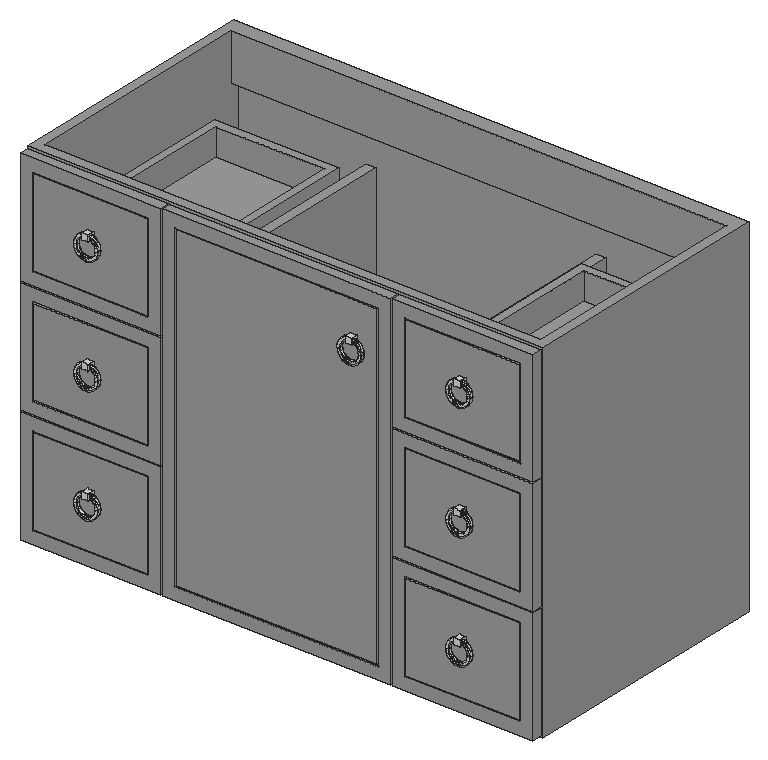
Revit family "Furniture-Vanity-KOHLER-Jacquard-K-99564", category Casework, host Face, Revit 2020
Family settings
  Host = Face
  OmniClass Number = 23.40.35.17.47.14
  OmniClass Title = Bathroom Casework
  Cut with Voids When Loaded = No
  Shared = No
  Room Calculation Point = No
Parameters (values of type "Not a Type-See Type Catalog")
  Width = 42"  # constant formula
  URL = "https://www.us.kohler.com/us/"
  Type = 0
  Product data url = "https://bimobject.com/kohler/product/kohler-K-99564-LG"
  Product Page URL = "http://www.us.kohler.com/us/catalog/productDetails.jsp?productNumber=99564-LG"
  Product Name = "Jacquard"  # constant formula
  Product Guid = "643c9923-bdbf-41aa-a50f-473c72ef4e25"
  Product Documentation Link = "http://www.us.kohler.com/onlinecatalog/pdf/K-99564-LG_spec.pdf"
  Model = if(Type = 1, "K-99564-LG-1WA", if(Type = 2, "K-99564-LG-1WF", if(Type = 3, "K-99564-LG-1WD", if(Type = 4, "K-99564-LG-1WG", if(Type = 5, "K-99564-LG-1WB", if(Type = 6, "K-99564-LG-1WC", if(Type = 7, "K-99564-LG-1WE", if(Type = 8, "K-99564-LG-1WT", if(Type = 9, "K-99564-LG-1WU", if(Type = 10, "K-99564-TK-1WA", if(Type = 11, "K-99564-TK-1WF", if(Type = 12, "K-99564-TK-1WD", if(Type = 13, "K-99564-TK-1WG", if(Type = 14, "K-99564-TK-1WB", if(Type = 15, "K-99564-TK-1WC", if(Type = 16, "K-99564-TK-1WE", if(Type = 17, "K-99564-TK-1WT", if(Type = 18, "K-99564-TK-1WU", "NA"))))))))))))))))))  # "NA"
  Material = "Solid Wood and Veneers"  # constant formula
  MasterFormat 2004 = "08.71.73"  # constant formula
  MasterFormat 1995 = "08715"  # constant formula
  Manufacturer Address = "444 Highland Dr, Kohler, WI 53044"  # constant formula
  Manufacturer = "KOHLER Co."  # constant formula
  Product Finish = Default
  Height = 34 1/2"  # constant formula
  Hardware Included = 1 = 0  # no
  Finish = if(or(Type = 1, Type = 10), "Kohler-Wood-1WA-Linen White", if(or(Type = 2, Type = 11), "Kohler-Wood-1WF-Khaki White Oak", if(or(Type = 3, Type = 12), "Kohler-Wood-1WD-Ramie Walnut", if(or(Type = 4, Type = 13), "Kohler-Wood-1WG-Cherry Tweed", if(or(Type = 5, Type = 14), "Kohler-Wood-1WB-Claret Suede", if(or(Type = 6, Type = 15), "Kohler-Wood-1WC-Felt Grey", if(or(Type = 7, Type = 16), "Kohler-Wood-1WE-Terry Walnut", if(or(Type = 8, Type = 17), "Kohler-Wood-1WT-Mohair Grey", if(or(Type = 9, Type = 18), "Kohler-Wood-1WU-Batiste Black", "NA")))))))))  # "NA"
  Environmental Product Declaration = ""
  Edition number = 1
  Description = if([99564_LG], "42inch bathroom vanity cabinet with furniture legs, 1 door and 6 drawers", if([99564_TK], "42inch bathroom vanity cabinet with toe kick, 1 door and 6 drawers", "NA"))  # "NA"
  Depth = 21 7/8"  # constant formula
  Default Elevation = 0"
  Declare Label = ""
  Date Modified = "05/24/2018"  # constant formula
  Date Created = "05/24/2018"  # constant formula
  Copyright = "Copyright KOHLER Co."  # constant formula
  Contact Us = "https://www.us.kohler.com/us/static/contact.jsp"
  Construction Type = "Floor Mount"  # constant formula
  Assembly Code = "E2010"
  ADA Compliant = 1 = 0  # no
  99564_TK = or(Type = 10, Type = 11, Type = 12, Type = 13, Type = 14, Type = 15, Type = 16, Type = 17, Type = 18)  # no
  99564_LG = or(Type = 1, Type = 2, Type = 3, Type = 4, Type = 5, Type = 6, Type = 7, Type = 8, Type = 9)  # no
Reference planes (in)
  plane 1 "Center (Front/Back)": y = 0
  plane 2: z = 0
  plane 3 "Center (Left/Right)": x = 0
  plane 4: y = 10.5
  plane 5: x = -21
  plane 6: x = 21
  plane 7: y = -11.375
  plane 8: z = 34.5
Dimensions and locks (in)
  "Height": plane 8 to level
  "Width": plane 5 to plane 6
  "Depth": plane 7 to plane 4
  aligned and locked: plane 2 to host face
  aligned and locked: level to host face
Automatic sketch dimensions
  host sketch curve to host sketch curve = 96"  (x2)
Nested families (in)
  nested 1: "K-99564" at (0, 0, 0), type "K-99564"
    with 99564_TK no, 99564_LG no
Definition of nested family "K-99564"
  Parameters (values of type "K-99564")
    Material = none
    Default Elevation = 0"
    99564_TK = yes
    99564_LG = yes
  Reference planes (in)
    plane 1 "Center (Front/Back)": y = 0
    plane 2: z = 0
    plane 3 "Center (Left/Right)": x = 0
    plane 4 "A": x = -19.75
    plane 5 "B": x = 19.75
  Forms (in)
    Extrusion 1, solid, material <- "Material", detail levels medium+fine
      sketch origin (0, 0, 0) x (1, 0, 0) y (0, 1, 0)
        loop
          line (21, -10.5) -> (21, 10.5) -> (-21, 10.5) -> (-21, -10.5) -> (-20.25, -10.5) -> (-20.25, 10) -> (20.25, 10) -> (20.25, -10.5) -> (21, -10.5)
      from 6 to 34.5
    Extrusion 2, solid, material <- "Material", detail levels medium+fine
      sketch origin (0, 0, 0) x (0, 1, 0) y (0, 0, 1)
        loop
          line (9.25, 30.6875) -> (10, 30.6875) -> (10, 34.5) -> (9.25, 34.5) -> (9.25, 30.6875)
        loop
          line (-9.75, 34.5) -> (-10.5, 34.5) -> (-10.5, 31.6875) -> (-9.75, 31.6875) -> (-9.75, 34.5)
      from -20.25 to 20.25
    Extrusion 3, solid, material <- "Material", visible <- "99564_LG", detail levels medium+fine
      sketch origin (0, 0, 0) x (1, 0, 0) y (0, 1, 0)
        loop
          line (-18.75, 10.25) -> (-20.75, 10.25) -> (-20.75, 8.25) -> (-18.75, 8.25) -> (-18.75, 10.25)
        loop
          line (-20.75, -8.5) -> (-20.75, -10.5) -> (-18.75, -10.5) -> (-18.75, -8.5) -> (-20.75, -8.5)
        loop
          line (18.75, 10.25) -> (18.75, 8.25) -> (20.75, 8.25) -> (20.75, 10.25) -> (18.75, 10.25)
        loop
          line (20.75, -8.5) -> (18.75, -8.5) -> (18.75, -10.5) -> (20.75, -10.5) -> (20.75, -8.5)
      from 0.3125 to 6
    Blend 4, solid, material <- "Material", visible <- "99564_LG", detail levels medium+fine
      base sketch origin (0, 0, 0) x (1, 0, 0) y (0, 1, 0)
        loop
          line (-20.75, 8.25) -> (-18.75, 8.25) -> (-18.75, 10.25) -> (-20.75, 10.25) -> (-20.75, 8.25)
      top sketch origin (0, 0, 0) x (1, 0, 0) y (0, 1, 0)
        loop
          line (-20.625, 8.375) -> (-18.875, 8.375) -> (-18.875, 10.125) -> (-20.625, 10.125) -> (-20.625, 8.375)
      from 0.3125 to 0.1875
    Blend 5, solid, material <- "Material", visible <- "99564_LG", detail levels medium+fine
      base sketch origin (0, -18.75, 0) x (1, 0, 0) y (0, 1, 0)
        loop
          line (-20.75, 8.25) -> (-18.75, 8.25) -> (-18.75, 10.25) -> (-20.75, 10.25) -> (-20.75, 8.25)
      top sketch origin (0, -18.75, 0) x (1, 0, 0) y (0, 1, 0)
        loop
          line (-20.625, 8.375) -> (-18.875, 8.375) -> (-18.875, 10.125) -> (-20.625, 10.125) -> (-20.625, 8.375)
      from 0.3125 to 0.1875
    Blend 6, solid, material <- "Material", visible <- "99564_LG", detail levels medium+fine
      base sketch origin (0, 0, 0) x (-1, 0, 0) y (0, -1, 0)
        loop
          line (-20.75, -8.25) -> (-20.75, -10.25) -> (-18.75, -10.25) -> (-18.75, -8.25) -> (-20.75, -8.25)
      top sketch origin (0, 0, 0) x (-1, 0, 0) y (0, -1, 0)
        loop
          line (-20.625, -8.375) -> (-20.625, -10.125) -> (-18.875, -10.125) -> (-18.875, -8.375) -> (-20.625, -8.375)
      from 0.3125 to 0.1875
    Blend 7, solid, material <- "Material", visible <- "99564_LG", detail levels medium+fine
      base sketch origin (0, -18.75, 0) x (-1, 0, 0) y (0, -1, 0)
        loop
          line (-20.75, -8.25) -> (-20.75, -10.25) -> (-18.75, -10.25) -> (-18.75, -8.25) -> (-20.75, -8.25)
      top sketch origin (0, -18.75, 0) x (-1, 0, 0) y (0, -1, 0)
        loop
          line (-20.625, -8.375) -> (-20.625, -10.125) -> (-18.875, -10.125) -> (-18.875, -8.375) -> (-20.625, -8.375)
      from 0.3125 to 0.1875
    Revolve 8, solid, material <- "Material", visible <- "99564_LG", detail levels medium+fine
      sketch origin (-19.75, 0, 0) x (0, 0, 1) y (0, -1, 0)
        loop
          line (0.1875, -9.25) -> (0, -9.25) -> (0, -9.45368)
          arc (0, -9.45368) -> (0.01216, -9.49133) -> (0.04404, -9.51477) r 0.0644
          line (0.04404, -9.51477) -> (0.1875, -9.56258) -> (0.1875, -9.25)
        axis (0.1875, -9.25) -> (0, -9.25)
      angle from 0 to 360
    Revolve 9, solid, material <- "Material", visible <- "99564_LG", detail levels medium+fine
      sketch origin (-19.75, -18.75, 0) x (0, 0, 1) y (0, -1, 0)
        loop
          line (0.1875, -9.25) -> (0, -9.25) -> (0, -9.45368)
          arc (0, -9.45368) -> (0.01216, -9.49133) -> (0.04404, -9.51477) r 0.0644
          line (0.04404, -9.51477) -> (0.1875, -9.56258) -> (0.1875, -9.25)
        axis (0.1875, -9.25) -> (0, -9.25)
      angle from 0 to 360
    Revolve 10, solid, material <- "Material", visible <- "99564_LG", detail levels medium+fine
      sketch origin (19.75, 0, 0) x (0, 0, 1) y (0, -1, 0)
        loop
          line (0.1875, -9.25) -> (0, -9.25) -> (0, -9.45368)
          arc (0, -9.45368) -> (0.01216, -9.49133) -> (0.04404, -9.51477) r 0.0644
          line (0.04404, -9.51477) -> (0.1875, -9.56258) -> (0.1875, -9.25)
        axis (0.1875, -9.25) -> (0, -9.25)
      angle from 0 to 360
    Revolve 11, solid, material <- "Material", visible <- "99564_LG", detail levels medium+fine
      sketch origin (19.75, -18.75, 0) x (0, 0, 1) y (0, -1, 0)
        loop
          line (0.1875, -9.25) -> (0, -9.25) -> (0, -9.45368)
          arc (0, -9.45368) -> (0.01216, -9.49133) -> (0.04404, -9.51477) r 0.0644
          line (0.04404, -9.51477) -> (0.1875, -9.56258) -> (0.1875, -9.25)
        axis (0.1875, -9.25) -> (0, -9.25)
      angle from 0 to 360
    Extrusion 12, solid, material <- "Material", visible <- "99564_LG", detail levels medium+fine
      sketch origin (0, 0, 0) x (1, 0, 0) y (0, 1, 0)
        loop
          line (-20.125, 8.25) -> (-20.125, -8.5) -> (-19.375, -8.5) -> (-19.375, 8.25) -> (-20.125, 8.25)
        loop
          line (-18.75, 9.25) -> (18.75, 9.25) -> (18.75, 10) -> (-18.75, 10) -> (-18.75, 9.25)
        loop
          line (-18.75, -10.25) -> (18.75, -10.25) -> (18.75, -9.5) -> (-18.75, -9.5) -> (-18.75, -10.25)
        loop
          line (19.375, 8.25) -> (19.375, -8.5) -> (20.125, -8.5) -> (20.125, 8.25) -> (19.375, 8.25)
      from 4.9375 to 6
    Extrusion 13, solid, material <- "Material", detail levels medium+fine
      sketch origin (0, 0, 0) x (0, 1, 0) y (0, 0, 1)
        loop
          line (10, 6.75) -> (-10.5, 6.75) -> (-10.5, 6) -> (10, 6) -> (10, 6.75)
      from -20.25 to 20.25
    Extrusion 14, solid, material <- "Material", detail levels medium+fine
      sketch origin (0, 0, -0.1875) x (0, 1, 0) y (0, 0, 1)
        loop
          arc (-6.5, 28.3125) -> (-7.91421, 28.89829) -> (-8.5, 30.3125) r 2
          line (-8.5, 30.3125) -> (-8.5, 33.6875) -> (-9.75, 33.6875) -> (-9.75, 31.6875) -> (-10.5, 31.6875) -> (-10.5, 6.9375) -> (10, 6.9375) -> (10, 28.3125) -> (-6.5, 28.3125)
      from 9 to 9.75
    Extrusion 15, solid, material <- "Material", detail levels medium+fine
      sketch origin (0, 0, -0.1875) x (0, 1, 0) y (0, 0, -1)
        loop
          line (-6.5, -28.3125) -> (10, -28.3125) -> (10, -6.9375) -> (-10.5, -6.9375) -> (-10.5, -31.6875) -> (-9.75, -31.6875) -> (-9.75, -33.6875) -> (-8.5, -33.6875) -> (-8.5, -30.3125)
          arc (-8.5, -30.3125) -> (-7.91421, -28.89829) -> (-6.5, -28.3125) r 2
      from 9 to 9.75
    Extrusion 16, solid, material <- "Material", detail levels medium+fine
      sketch origin (0, 0, 0) x (1, 0, 0) y (0, 0, 1)
        loop
          line (-9.4375, 34.375) -> (-20.9375, 34.375) -> (-20.9375, 25.04167) -> (-9.4375, 25.04167) -> (-9.4375, 34.375)
        loop
          line (-9.437, 24.9167) -> (-20.937, 24.9167) -> (-20.937, 15.58337) -> (-9.437, 15.58337) -> (-9.437, 24.9167)
        loop
          line (-9.437, 15.45837) -> (-20.937, 15.45837) -> (-20.937, 6.12503) -> (-9.437, 6.12503) -> (-9.437, 15.45837)
        loop
          line (-9.3125, 34.375) -> (-9.3125, 6.125) -> (9.312, 6.125) -> (9.312, 34.375) -> (-9.3125, 34.375)
        loop
          line (9.437, 34.375) -> (9.437, 25.04167) -> (20.937, 25.04167) -> (20.937, 34.375) -> (9.437, 34.375)
        loop
          line (9.437, 6.12503) -> (20.937, 6.12503) -> (20.937, 15.45837) -> (9.437, 15.45837) -> (9.437, 6.12503)
        loop
          line (9.437, 15.58337) -> (20.937, 15.58337) -> (20.937, 24.9167) -> (9.437, 24.9167) -> (9.437, 15.58337)
      from 10.625 to 11.375
    Extrusion 17, void
      sketch origin (0, 0, 0) x (1, 0, 0) y (0, 0, 1)
        loop
          line (-19.9375, 26.04167) -> (-10.4375, 26.04167) -> (-10.4375, 33.375) -> (-19.9375, 33.375) -> (-19.9375, 26.04167)
        loop
          line (-19.8125, 26.16667) -> (-10.5625, 26.16667) -> (-10.5625, 33.25) -> (-19.8125, 33.25) -> (-19.8125, 26.16667)
        loop
          line (-8.3125, 33.375) -> (-8.3125, 7.125) -> (8.312, 7.125) -> (8.312, 33.375) -> (-8.3125, 33.375)
        loop
          line (8.187, 33.25) -> (-8.1875, 33.25) -> (-8.1875, 7.25) -> (8.187, 7.25) -> (8.187, 33.25)
        loop
          line (-19.937, 23.9167) -> (-19.937, 16.58337) -> (-10.437, 16.58337) -> (-10.437, 23.9167) -> (-19.937, 23.9167)
        loop
          line (-10.562, 23.7917) -> (-19.812, 23.7917) -> (-19.812, 16.70837) -> (-10.562, 16.70837) -> (-10.562, 23.7917)
        loop
          line (-19.937, 7.12503) -> (-10.437, 7.12503) -> (-10.437, 14.45837) -> (-19.937, 14.45837) -> (-19.937, 7.12503)
        loop
          line (-19.812, 14.33337) -> (-19.812, 7.25003) -> (-10.562, 7.25003) -> (-10.562, 14.33337) -> (-19.812, 14.33337)
        loop
          line (19.812, 33.25) -> (10.562, 33.25) -> (10.562, 26.16667) -> (19.812, 26.16667) -> (19.812, 33.25)
        loop
          line (10.437, 33.375) -> (10.437, 26.04167) -> (19.937, 26.04167) -> (19.937, 33.375) -> (10.437, 33.375)
        loop
          line (19.812, 23.7917) -> (10.562, 23.7917) -> (10.562, 16.70837) -> (19.812, 16.70837) -> (19.812, 23.7917)
        loop
          line (10.437, 23.9167) -> (10.437, 16.58337) -> (19.937, 16.58337) -> (19.937, 23.9167) -> (10.437, 23.9167)
        loop
          line (10.437, 14.45837) -> (10.437, 7.12503) -> (19.937, 7.12503) -> (19.937, 14.45837) -> (10.437, 14.45837)
        loop
          line (19.812, 14.33337) -> (10.562, 14.33337) -> (10.562, 7.25003) -> (19.812, 7.25003) -> (19.812, 14.33337)
      from 11.1875 to 11.375
    Extrusion 18, solid, material <- "Material", detail levels medium+fine
      sketch origin (0, 0, 0) x (1, 0, 0) y (0, 1, 0)
        loop
          line (20.062, -10.625) -> (20.062, 7.375) -> (9.937, 7.375) -> (9.937, -10.625) -> (20.062, -10.625)
        loop
          line (19.437, 6.75) -> (10.562, 6.75) -> (10.562, -10) -> (19.437, -10) -> (19.437, 6.75)
      from 25.91667 to 28.91667
    Extrusion 19, solid, material <- "Material", detail levels medium+fine
      sketch origin (0, 0, 0) x (1, 0, 0) y (0, 1, 0)
        loop
          line (19.437, 6.75) -> (10.562, 6.75) -> (10.562, -10) -> (19.437, -10) -> (19.437, 6.75)
        loop
          line (20.062, 7.375) -> (9.937, 7.375) -> (9.937, -10.625) -> (20.062, -10.625) -> (20.062, 7.375)
      from 16.45837 to 22.45837
    Extrusion 20, solid, material <- "Material", detail levels medium+fine
      sketch origin (0, 0, 0) x (1, 0, 0) y (0, 1, 0)
        loop
          line (20.062, 7.375) -> (9.937, 7.375) -> (9.937, -10.625) -> (20.062, -10.625) -> (20.062, 7.375)
        loop
          line (10.562, 6.75) -> (10.562, -10) -> (19.437, -10) -> (19.437, 6.75) -> (10.562, 6.75)
      from 7.00003 to 13.00003
    Extrusion 21, solid, material <- "Material", detail levels medium+fine
      sketch origin (0, 0, -0.1875) x (1, 0, 0) y (0, 0, 1)
        loop
          line (19.687, 26.60417) -> (19.687, 26.86417) -> (10.312, 26.86417) -> (10.312, 26.60417) -> (19.687, 26.60417)
        loop
          line (19.687, 17.39587) -> (10.312, 17.39587) -> (10.312, 17.14587) -> (19.687, 17.14587) -> (19.687, 17.39587)
        loop
          line (19.687, 7.93753) -> (10.312, 7.93753) -> (10.312, 7.68753) -> (19.687, 7.68753) -> (19.687, 7.93753)
      from -6.75 to 10
    Extrusion 22, solid, material <- "Material", detail levels medium+fine
      sketch origin (0, 0, 0) x (-1, 0, 0) y (0, -1, 0)
        loop
          line (20.062, 10.625) -> (9.937, 10.625) -> (9.937, -7.375) -> (20.062, -7.375) -> (20.062, 10.625)
        loop
          line (19.437, -6.75) -> (19.437, 10) -> (10.562, 10) -> (10.562, -6.75) -> (19.437, -6.75)
      from 25.91667 to 28.91667
    Extrusion 23, solid, material <- "Material", detail levels medium+fine
      sketch origin (0, 0, 0) x (-1, 0, 0) y (0, -1, 0)
        loop
          line (19.437, -6.75) -> (19.437, 10) -> (10.562, 10) -> (10.562, -6.75) -> (19.437, -6.75)
        loop
          line (20.062, -7.375) -> (20.062, 10.625) -> (9.937, 10.625) -> (9.937, -7.375) -> (20.062, -7.375)
      from 16.45837 to 22.45837
    Extrusion 24, solid, material <- "Material", detail levels medium+fine
      sketch origin (0, 0, 0) x (-1, 0, 0) y (0, -1, 0)
        loop
          line (20.062, -7.375) -> (20.062, 10.625) -> (9.937, 10.625) -> (9.937, -7.375) -> (20.062, -7.375)
        loop
          line (10.562, -6.75) -> (19.437, -6.75) -> (19.437, 10) -> (10.562, 10) -> (10.562, -6.75)
      from 7.00003 to 13.00003
    Extrusion 25, solid, material <- "Material", detail levels medium+fine
      sketch origin (0, 0, -0.1875) x (-1, 0, 0) y (0, 0, -1)
        loop
          line (19.687, -26.60417) -> (10.312, -26.60417) -> (10.312, -26.86417) -> (19.687, -26.86417) -> (19.687, -26.60417)
        loop
          line (19.687, -17.39587) -> (19.687, -17.14587) -> (10.312, -17.14587) -> (10.312, -17.39587) -> (19.687, -17.39587)
        loop
          line (19.687, -7.93753) -> (19.687, -7.68753) -> (10.312, -7.68753) -> (10.312, -7.93753) -> (19.687, -7.93753)
      from -6.75 to 10
    Extrusion 26, solid, detail levels medium+fine
      sketch origin (0, 0, -0.2031) x (1, 0, 0) y (0, 0, 1)
        loop
          line (-14.96094, 30.9375) -> (-15.41525, 30.9375)
          arc (-15.41525, 30.9375) -> (-15.43098, 30.93098) -> (-15.4375, 30.91525) r 0.02225
          line (-15.4375, 30.91525) -> (-15.4375, 30.46094)
          arc (-15.4375, 30.46094) -> (-15.43064, 30.44436) -> (-15.41406, 30.4375) r 0.02344
          line (-15.41406, 30.4375) -> (-14.96094, 30.4375)
          arc (-14.96094, 30.4375) -> (-14.94436, 30.44436) -> (-14.9375, 30.46094) r 0.02344
          line (-14.9375, 30.46094) -> (-14.9375, 30.91406)
          arc (-14.9375, 30.91406) -> (-14.94436, 30.93063) -> (-14.96094, 30.9375) r 0.02344
        loop
          line (-14.96094, 21.4792) -> (-15.41525, 21.4792)
          arc (-15.41525, 21.4792) -> (-15.43098, 21.47268) -> (-15.4375, 21.45695) r 0.02225
          line (-15.4375, 21.45695) -> (-15.4375, 21.00264)
          arc (-15.4375, 21.00264) -> (-15.43064, 20.98606) -> (-15.41406, 20.9792) r 0.02344
          line (-15.41406, 20.9792) -> (-14.96094, 20.9792)
          arc (-14.96094, 20.9792) -> (-14.94436, 20.98606) -> (-14.9375, 21.00264) r 0.02344
          line (-14.9375, 21.00264) -> (-14.9375, 21.45576)
          arc (-14.9375, 21.45576) -> (-14.94436, 21.47233) -> (-14.96094, 21.4792) r 0.02344
        loop
          line (-14.96094, 12.02087) -> (-15.41525, 12.02087)
          arc (-15.41525, 12.02087) -> (-15.43098, 12.01435) -> (-15.4375, 11.99861) r 0.02225
          line (-15.4375, 11.99861) -> (-15.4375, 11.5443)
          arc (-15.4375, 11.5443) -> (-15.43064, 11.52773) -> (-15.41406, 11.52087) r 0.02344
          line (-15.41406, 11.52087) -> (-14.96094, 11.52087)
          arc (-14.96094, 11.52087) -> (-14.94436, 11.52773) -> (-14.9375, 11.5443) r 0.02344
          line (-14.9375, 11.5443) -> (-14.9375, 11.99743)
          arc (-14.9375, 11.99743) -> (-14.94436, 12.014) -> (-14.96094, 12.02087) r 0.02344
        loop
          arc (14.96094, 30.9375) -> (14.94436, 30.93063) -> (14.9375, 30.91406) r 0.02344
          line (14.9375, 30.91406) -> (14.9375, 30.46094)
          arc (14.9375, 30.46094) -> (14.94436, 30.44436) -> (14.96094, 30.4375) r 0.02344
          line (14.96094, 30.4375) -> (15.41406, 30.4375)
          arc (15.41406, 30.4375) -> (15.43064, 30.44436) -> (15.4375, 30.46094) r 0.02344
          line (15.4375, 30.46094) -> (15.4375, 30.91525)
          arc (15.4375, 30.91525) -> (15.43098, 30.93098) -> (15.41525, 30.9375) r 0.02225
          line (15.41525, 30.9375) -> (14.96094, 30.9375)
        loop
          arc (14.96094, 21.4792) -> (14.94436, 21.47233) -> (14.9375, 21.45576) r 0.02344
          line (14.9375, 21.45576) -> (14.9375, 21.00264)
          arc (14.9375, 21.00264) -> (14.94436, 20.98606) -> (14.96094, 20.9792) r 0.02344
          line (14.96094, 20.9792) -> (15.41406, 20.9792)
          arc (15.41406, 20.9792) -> (15.43064, 20.98606) -> (15.4375, 21.00264) r 0.02344
          line (15.4375, 21.00264) -> (15.4375, 21.45695)
          arc (15.4375, 21.45695) -> (15.43098, 21.47268) -> (15.41525, 21.4792) r 0.02225
          line (15.41525, 21.4792) -> (14.96094, 21.4792)
        loop
          arc (14.96094, 12.02087) -> (14.94436, 12.014) -> (14.9375, 11.99743) r 0.02344
          line (14.9375, 11.99743) -> (14.9375, 11.5443)
          arc (14.9375, 11.5443) -> (14.94436, 11.52773) -> (14.96094, 11.52087) r 0.02344
          line (14.96094, 11.52087) -> (15.41406, 11.52087)
          arc (15.41406, 11.52087) -> (15.43064, 11.52773) -> (15.4375, 11.5443) r 0.02344
          line (15.4375, 11.5443) -> (15.4375, 11.99861)
          arc (15.4375, 11.99861) -> (15.43098, 12.01435) -> (15.41525, 12.02087) r 0.02225
          line (15.41525, 12.02087) -> (14.96094, 12.02087)
        loop
          arc (6.08484, 30.9375) -> (6.06827, 30.93063) -> (6.06141, 30.91406) r 0.02344
          line (6.06141, 30.91406) -> (6.06141, 30.46094)
          arc (6.06141, 30.46094) -> (6.06827, 30.44436) -> (6.08484, 30.4375) r 0.02344
          line (6.08484, 30.4375) -> (6.53797, 30.4375)
          arc (6.53797, 30.4375) -> (6.55454, 30.44436) -> (6.56141, 30.46094) r 0.02344
          line (6.56141, 30.46094) -> (6.56141, 30.91525)
          arc (6.56141, 30.91525) -> (6.55489, 30.93098) -> (6.53916, 30.9375) r 0.02225
          line (6.53916, 30.9375) -> (6.08484, 30.9375)
      from 11.375 to 11.9375
    Revolve 27, solid, detail levels medium+fine
      sketch origin (0, 0, 10.78421) x (1, 0, 0) y (0, 1, 0)
        loop
          line (-15.96071, -11.625) -> (-16.16373, -11.625)
          arc (-16.16373, -11.625) -> (-16.18056, -11.63197) -> (-16.18754, -11.64881) r 0.02381
          line (-16.18754, -11.64881) -> (-16.18754, -11.85156)
          arc (-16.18754, -11.85156) -> (-16.18067, -11.86814) -> (-16.1641, -11.875) r 0.02344
          line (-16.1641, -11.875) -> (-15.96071, -11.875)
          arc (-15.96071, -11.875) -> (-15.94414, -11.86814) -> (-15.93728, -11.85156) r 0.02344
          line (-15.93728, -11.85156) -> (-15.93728, -11.64844)
          arc (-15.93728, -11.64844) -> (-15.94414, -11.63186) -> (-15.96071, -11.625) r 0.02344
        axis (-15.18809, -11.625) -> (-15.18809, -11.875)
      angle from 0 to 360
    Revolve 28, solid, detail levels medium+fine
      sketch origin (0, 0, 20.24254) x (1, 0, 0) y (0, 1, 0)
        loop
          line (-15.96071, -11.625) -> (-16.16373, -11.625)
          arc (-16.16373, -11.625) -> (-16.18056, -11.63197) -> (-16.18754, -11.64881) r 0.02381
          line (-16.18754, -11.64881) -> (-16.18754, -11.85156)
          arc (-16.18754, -11.85156) -> (-16.18067, -11.86814) -> (-16.1641, -11.875) r 0.02344
          line (-16.1641, -11.875) -> (-15.96071, -11.875)
          arc (-15.96071, -11.875) -> (-15.94414, -11.86814) -> (-15.93728, -11.85156) r 0.02344
          line (-15.93728, -11.85156) -> (-15.93728, -11.64844)
          arc (-15.93728, -11.64844) -> (-15.94414, -11.63186) -> (-15.96071, -11.625) r 0.02344
        axis (-15.18809, -11.625) -> (-15.18809, -11.875)
      angle from 0 to 360
    Revolve 29, solid, detail levels medium+fine
      sketch origin (0, 0, 29.70084) x (1, 0, 0) y (0, 1, 0)
        loop
          line (-15.96071, -11.625) -> (-16.16373, -11.625)
          arc (-16.16373, -11.625) -> (-16.18056, -11.63197) -> (-16.18754, -11.64881) r 0.02381
          line (-16.18754, -11.64881) -> (-16.18754, -11.85156)
          arc (-16.18754, -11.85156) -> (-16.18067, -11.86814) -> (-16.1641, -11.875) r 0.02344
          line (-16.1641, -11.875) -> (-15.96071, -11.875)
          arc (-15.96071, -11.875) -> (-15.94414, -11.86814) -> (-15.93728, -11.85156) r 0.02344
          line (-15.93728, -11.85156) -> (-15.93728, -11.64844)
          arc (-15.93728, -11.64844) -> (-15.94414, -11.63186) -> (-15.96071, -11.625) r 0.02344
        axis (-15.18809, -11.625) -> (-15.18809, -11.875)
      angle from 0 to 360
    Revolve 30, solid, detail levels medium+fine
      sketch origin (0, 0, 10.78421) x (-1, 0, 0) y (0, -1, 0)
        loop
          arc (-15.96071, 11.625) -> (-15.94414, 11.63186) -> (-15.93728, 11.64844) r 0.02344
          line (-15.93728, 11.64844) -> (-15.93728, 11.85156)
          arc (-15.93728, 11.85156) -> (-15.94414, 11.86814) -> (-15.96071, 11.875) r 0.02344
          line (-15.96071, 11.875) -> (-16.1641, 11.875)
          arc (-16.1641, 11.875) -> (-16.18067, 11.86814) -> (-16.18754, 11.85156) r 0.02344
          line (-16.18754, 11.85156) -> (-16.18754, 11.64881)
          arc (-16.18754, 11.64881) -> (-16.18056, 11.63197) -> (-16.16373, 11.625) r 0.02381
          line (-16.16373, 11.625) -> (-15.96071, 11.625)
        axis (-15.18809, 11.625) -> (-15.18809, 11.875)
      angle from 0 to 360
    Revolve 31, solid, detail levels medium+fine
      sketch origin (0, 0, 20.24254) x (-1, 0, 0) y (0, -1, 0)
        loop
          arc (-15.96071, 11.625) -> (-15.94414, 11.63186) -> (-15.93728, 11.64844) r 0.02344
          line (-15.93728, 11.64844) -> (-15.93728, 11.85156)
          arc (-15.93728, 11.85156) -> (-15.94414, 11.86814) -> (-15.96071, 11.875) r 0.02344
          line (-15.96071, 11.875) -> (-16.1641, 11.875)
          arc (-16.1641, 11.875) -> (-16.18067, 11.86814) -> (-16.18754, 11.85156) r 0.02344
          line (-16.18754, 11.85156) -> (-16.18754, 11.64881)
          arc (-16.18754, 11.64881) -> (-16.18056, 11.63197) -> (-16.16373, 11.625) r 0.02381
          line (-16.16373, 11.625) -> (-15.96071, 11.625)
        axis (-15.18809, 11.625) -> (-15.18809, 11.875)
      angle from 0 to 360
    Revolve 32, solid, detail levels medium+fine
      sketch origin (0, 0, 29.70084) x (-1, 0, 0) y (0, -1, 0)
        loop
          arc (-15.96071, 11.625) -> (-15.94414, 11.63186) -> (-15.93728, 11.64844) r 0.02344
          line (-15.93728, 11.64844) -> (-15.93728, 11.85156)
          arc (-15.93728, 11.85156) -> (-15.94414, 11.86814) -> (-15.96071, 11.875) r 0.02344
          line (-15.96071, 11.875) -> (-16.1641, 11.875)
          arc (-16.1641, 11.875) -> (-16.18067, 11.86814) -> (-16.18754, 11.85156) r 0.02344
          line (-16.18754, 11.85156) -> (-16.18754, 11.64881)
          arc (-16.18754, 11.64881) -> (-16.18056, 11.63197) -> (-16.16373, 11.625) r 0.02381
          line (-16.16373, 11.625) -> (-15.96071, 11.625)
        axis (-15.18809, 11.625) -> (-15.18809, 11.875)
      angle from 0 to 360
    Revolve 33, solid, detail levels medium+fine
      sketch origin (-8.87609, 0, 29.70084) x (-1, 0, 0) y (0, -1, 0)
        loop
          arc (-15.96071, 11.625) -> (-15.94414, 11.63186) -> (-15.93728, 11.64844) r 0.02344
          line (-15.93728, 11.64844) -> (-15.93728, 11.85156)
          arc (-15.93728, 11.85156) -> (-15.94414, 11.86814) -> (-15.96071, 11.875) r 0.02344
          line (-15.96071, 11.875) -> (-16.1641, 11.875)
          arc (-16.1641, 11.875) -> (-16.18067, 11.86814) -> (-16.18754, 11.85156) r 0.02344
          line (-16.18754, 11.85156) -> (-16.18754, 11.64881)
          arc (-16.18754, 11.64881) -> (-16.18056, 11.63197) -> (-16.16373, 11.625) r 0.02381
          line (-16.16373, 11.625) -> (-15.96071, 11.625)
        axis (-15.18809, 11.625) -> (-15.18809, 11.875)
      angle from 0 to 360
    Extrusion 34, solid, material <- "Material", visible <- "99564_TK", detail levels medium+fine
      sketch origin (0, 0, 0) x (1, 0, 0) y (0, 1, 0)
        loop
          line (-21, 10.5) -> (-21, -8) -> (21, -8) -> (21, 10.5) -> (20.25, 10.5) -> (20.25, -7.5) -> (-20.25, -7.5) -> (-20.25, 10.5) -> (-21, 10.5)
      from 0 to 6
    Extrusion 35, solid, material <- "Material", detail levels coarse
      sketch origin (0, 0, 0) x (1, 0, 0) y (0, 1, 0)
        loop
          line (21, 10.5) -> (-21, 10.5) -> (-21, -11.375) -> (21, -11.375) -> (21, 10.5)
        loop
          line (-20.25, 9.25) -> (-20.25, -9.75) -> (20.25, -9.75) -> (20.25, 9.25) -> (-20.25, 9.25)
      from 0 to 34.5
  Cuts and joins
    joined: Extrusion 3, Blend 4, Blend 5, Blend 6, Blend 7, Revolve 8, Revolve 9, Revolve 10, Revolve 11, Extrusion 12
    Extrusion 17 cuts Extrusion 16
    joined: Extrusion 1, Extrusion 2, Extrusion 13, Extrusion 14, Extrusion 15, Extrusion 16, Extrusion 18, Extrusion 19, Extrusion 20, Extrusion 21, Extrusion 22, Extrusion 23, Extrusion 24, Extrusion 25
    joined: Extrusion 26, Revolve 27, Revolve 28, Revolve 29, Revolve 30, Revolve 31, Revolve 32, Revolve 33
  Lines and regions (in)
    Masking region 1
      outline origin (0, 0, 0) x (1, 0, 0) y (0, 0, 1)
        loop
          line (21, 34.5) -> (-21, 34.5) -> (-21, 6) -> (21, 6) -> (21, 34.5)
    Masking region 2, visible <- "99564_LG"
      outline origin (0, 0, 0) x (1, 0, 0) y (0, 0, 1)
        loop
          line (-20.75, 6) -> (-20.75, 0.3125) -> (-20.625, 0.1875) -> (-20.06258, 0.1875) -> (-20.01495, 0.04455)
          arc (-20.01495, 0.04455) -> (-19.99124, 0.0123) -> (-19.95314, 0) r 0.06514
          line (-19.95314, 0) -> (-19.54686, 0)
          arc (-19.54686, 0) -> (-19.50876, 0.0123) -> (-19.48505, 0.04455) r 0.06514
          line (-19.48505, 0.04455) -> (-19.43742, 0.1875) -> (-18.875, 0.1875) -> (-18.75, 0.3125) -> (-18.75, 4.9375) -> (18.75, 4.9375) -> (18.75, 0.3125) -> (18.875, 0.1875) -> (19.43742, 0.1875) -> (19.48505, 0.04455)
          arc (19.48505, 0.04455) -> (19.50876, 0.0123) -> (19.54686, 0) r 0.06514
          line (19.54686, 0) -> (19.95314, 0)
          arc (19.95314, 0) -> (19.99124, 0.0123) -> (20.01495, 0.04455) r 0.06514
          line (20.01495, 0.04455) -> (20.06258, 0.1875) -> (20.625, 0.1875) -> (20.75, 0.3125) -> (20.75, 6) -> (-20.75, 6)
    Masking region 3, visible <- "99564_TK"
      outline origin (0, 0, 0) x (1, 0, 0) y (0, 0, 1)
        loop
          line (-21, 6) -> (-21, 0) -> (21, 0) -> (21, 6) -> (-21, 6)
    Masking region 4
      outline origin (19.75, 0, 0) x (0, 0, 1) y (0, -1, 0)
        loop
          line (34.5, 10.5) -> (34.375, 10.5) -> (34.375, 11.375) -> (30.7344, 11.375) -> (30.7344, 11.9375) -> (30.2344, 11.9375) -> (30.2344, 11.875) -> (28.72484, 11.875)
          arc (28.72484, 11.875) -> (28.70826, 11.86814) -> (28.7014, 11.85156) r 0.02344
          line (28.7014, 11.85156) -> (28.7014, 11.64854)
          arc (28.7014, 11.64854) -> (28.70829, 11.63189) -> (28.72493, 11.625) r 0.02354
          line (28.72493, 11.625) -> (30.2344, 11.625) -> (30.2344, 11.375) -> (21.2761, 11.375) -> (21.2761, 11.9375) -> (20.7761, 11.9375) -> (20.7761, 11.875) -> (19.26654, 11.875)
          arc (19.26654, 11.875) -> (19.24996, 11.86814) -> (19.2431, 11.85156) r 0.02344
          line (19.2431, 11.85156) -> (19.2431, 11.64854)
          arc (19.2431, 11.64854) -> (19.24999, 11.63189) -> (19.26663, 11.625) r 0.02354
          line (19.26663, 11.625) -> (20.7761, 11.625) -> (20.7761, 11.375) -> (11.81777, 11.375) -> (11.81777, 11.9375) -> (11.31777, 11.9375) -> (11.31777, 11.875) -> (9.8082, 11.875)
          arc (9.8082, 11.875) -> (9.79163, 11.86814) -> (9.78477, 11.85156) r 0.02344
          line (9.78477, 11.85156) -> (9.78477, 11.64854)
          arc (9.78477, 11.64854) -> (9.79166, 11.63189) -> (9.8083, 11.625) r 0.02354
          line (9.8083, 11.625) -> (11.31777, 11.625) -> (11.31777, 11.375) -> (6.12503, 11.375) -> (6.12503, 10.5) -> (6, 10.5) -> (6, -10.5) -> (34.5, -10.5) -> (34.5, 10.5)
    Masking region 5, visible <- "99564_LG"
      outline origin (19.75, 0, 0) x (0, 0, 1) y (0, -1, 0)
        loop
          line (6, -10.25) -> (6, 10.5) -> (0.3125, 10.5) -> (0.1875, 10.375) -> (0.1875, 9.81258) -> (0.04285, 9.76463)
          arc (0.04285, 9.76463) -> (0.01183, 9.74189) -> (0, 9.70529) r 0.06251
          line (0, 9.70529) -> (0, 9.29471)
          arc (0, 9.29471) -> (0.01183, 9.25811) -> (0.04285, 9.23537) r 0.06251
          line (0.04285, 9.23537) -> (0.1875, 9.18742) -> (0.1875, 8.625) -> (0.3125, 8.5) -> (4.9375, 8.5) -> (4.9375, -8.25) -> (0.3125, -8.25) -> (0.1875, -8.375) -> (0.1875, -8.93742) -> (0.04285, -8.98537)
          arc (0.04285, -8.98537) -> (0.01183, -9.00811) -> (0, -9.04471) r 0.06251
          line (0, -9.04471) -> (0, -9.45529)
          arc (0, -9.45529) -> (0.01183, -9.49189) -> (0.04285, -9.51463) r 0.06251
          line (0.04285, -9.51463) -> (0.1875, -9.56258) -> (0.1875, -10.125) -> (0.3125, -10.25) -> (6, -10.25)
    Masking region 6, visible <- "99564_TK"
      outline origin (19.75, 0, 0) x (0, 0, 1) y (0, -1, 0)
        loop
          line (6, -10.5) -> (6, 8) -> (0, 8) -> (0, -10.5) -> (6, -10.5)
    Masking region 7
      outline origin (0, 0, 0) x (1, 0, 0) y (0, 1, 0)
        loop
          line (21, 10.5) -> (-21, 10.5) -> (-21, -10.5) -> (-20.9375, -10.5) -> (-20.9375, -11.375) -> (-15.4375, -11.375) -> (-15.4375, -11.625) -> (-16.16373, -11.625)
          arc (-16.16373, -11.625) -> (-16.18056, -11.63197) -> (-16.18754, -11.64881) r 0.02381
          line (-16.18754, -11.64881) -> (-16.18754, -11.85156)
          arc (-16.18754, -11.85156) -> (-16.18067, -11.86814) -> (-16.1641, -11.875) r 0.02344
          line (-16.1641, -11.875) -> (-15.4375, -11.875) -> (-15.4375, -11.9375) -> (-14.9375, -11.9375) -> (-14.9375, -11.875) -> (-14.21209, -11.875)
          arc (-14.21209, -11.875) -> (-14.19551, -11.86814) -> (-14.18865, -11.85156) r 0.02344
          line (-14.18865, -11.85156) -> (-14.18865, -11.64881)
          arc (-14.18865, -11.64881) -> (-14.19562, -11.63197) -> (-14.21246, -11.625) r 0.02381
          line (-14.21246, -11.625) -> (-14.9375, -11.625) -> (-14.9375, -11.375) -> (6.06141, -11.375) -> (6.06141, -11.625) -> (5.33518, -11.625)
          arc (5.33518, -11.625) -> (5.31835, -11.63197) -> (5.31137, -11.64881) r 0.02381
          line (5.31137, -11.64881) -> (5.31137, -11.85156)
          arc (5.31137, -11.85156) -> (5.31824, -11.86814) -> (5.33481, -11.875) r 0.02344
          line (5.33481, -11.875) -> (6.06141, -11.875) -> (6.06141, -11.9375) -> (6.56141, -11.9375) -> (6.56141, -11.875) -> (7.28682, -11.875)
          arc (7.28682, -11.875) -> (7.30339, -11.86814) -> (7.31026, -11.85156) r 0.02344
          line (7.31026, -11.85156) -> (7.31026, -11.64881)
          arc (7.31026, -11.64881) -> (7.30328, -11.63197) -> (7.28645, -11.625) r 0.02381
          line (7.28645, -11.625) -> (6.56141, -11.625) -> (6.56141, -11.375) -> (14.9375, -11.375) -> (14.9375, -11.625) -> (14.21127, -11.625)
          arc (14.21127, -11.625) -> (14.19444, -11.63197) -> (14.18746, -11.64881) r 0.02381
          line (14.18746, -11.64881) -> (14.18746, -11.85156)
          arc (14.18746, -11.85156) -> (14.19433, -11.86814) -> (14.2109, -11.875) r 0.02344
          line (14.2109, -11.875) -> (14.9375, -11.875) -> (14.9375, -11.9375) -> (15.4375, -11.9375) -> (15.4375, -11.875) -> (16.16291, -11.875)
          arc (16.16291, -11.875) -> (16.17949, -11.86814) -> (16.18635, -11.85156) r 0.02344
          line (16.18635, -11.85156) -> (16.18635, -11.64881)
          arc (16.18635, -11.64881) -> (16.17938, -11.63197) -> (16.16254, -11.625) r 0.02381
          line (16.16254, -11.625) -> (15.4375, -11.625) -> (15.4375, -11.375) -> (20.937, -11.375) -> (20.937, -10.5) -> (21, -10.5) -> (21, 10.5)
    symbolic lines, detail levels medium+fine
      curve 1: line (-20.9375, 0, 34.375) -> (-20.9375, 0, 25.04167)
      curve 2: line (-9.4375, 0, 34.375) -> (-20.9375, 0, 34.375)
      curve 3: line (-9.4375, 0, 25.04167) -> (-9.4375, 0, 34.375)
      curve 4: line (-9.3125, 0, 34.375) -> (-9.3125, 0, 6.125)
      curve 5: line (9.312, 0, 34.375) -> (-9.3125, 0, 34.375)
      curve 6: line (-19.9375, 0, 26.04167) -> (-10.4375, 0, 26.04167)
      curve 7: line (-10.4375, 0, 26.04167) -> (-10.4375, 0, 33.375)
      curve 8: line (-10.5625, 0, 33.25) -> (-10.5625, 0, 26.16667)
      curve 9: line (-10.5625, 0, 26.16667) -> (-19.8125, 0, 26.16667)
      curve 10: line (-19.9375, 0, 33.375) -> (-19.9375, 0, 26.04167)
      curve 11: line (-19.8125, 0, 26.16667) -> (-19.8125, 0, 33.25)
      curve 12: line (-10.4375, 0, 33.375) -> (-19.9375, 0, 33.375)
      curve 13: line (-19.8125, 0, 33.25) -> (-10.5625, 0, 33.25)
      curve 14: line (-20.9375, 0, 25.04167) -> (-9.4375, 0, 25.04167)
      curve 15: line (-15.4375, 0, 30.71215) -> (-15.4375, 0, 30.25784)
      curve 16: arc (-15.4375, 0, 30.25784) -> (-15.43064, 0, 30.24126) -> (-15.41406, 0, 30.2344) r 0.02344
      curve 17: line (-15.41406, 0, 30.2344) -> (-14.96094, 0, 30.2344)
      curve 18: arc (-14.96094, 0, 30.2344) -> (-14.94436, 0, 30.24126) -> (-14.9375, 0, 30.25784) r 0.02344
      curve 19: line (-14.9375, 0, 30.25784) -> (-14.9375, 0, 30.71096)
      curve 20: arc (-14.9375, 0, 30.71096) -> (-14.94436, 0, 30.72754) -> (-14.96094, 0, 30.7344) r 0.02344
      curve 21: line (-14.96094, 0, 30.7344) -> (-15.41525, 0, 30.7344)
      curve 22: arc (-15.41525, 0, 30.7344) -> (-15.43098, 0, 30.72788) -> (-15.4375, 0, 30.71215) r 0.02225
      curve 23: line (-10.437, 0, 23.9167) -> (-19.937, 0, 23.9167)
      curve 24: line (-19.812, 0, 23.7917) -> (-10.562, 0, 23.7917)
      curve 25: line (-19.937, 0, 23.9167) -> (-19.937, 0, 16.58337)
      curve 26: line (-19.812, 0, 16.70837) -> (-19.812, 0, 23.7917)
      curve 27: line (-20.937, 0, 24.9167) -> (-20.937, 0, 15.58337)
      curve 28: line (-9.437, 0, 24.9167) -> (-20.937, 0, 24.9167)
      curve 29: line (-9.437, 0, 15.58337) -> (-9.437, 0, 24.9167)
      curve 30: line (-10.437, 0, 16.58337) -> (-10.437, 0, 23.9167)
      curve 31: line (-10.562, 0, 23.7917) -> (-10.562, 0, 16.70837)
      curve 32: line (-19.937, 0, 16.58337) -> (-10.437, 0, 16.58337)
      curve 33: line (-10.562, 0, 16.70837) -> (-19.812, 0, 16.70837)
      curve 34: line (-20.937, 0, 15.58337) -> (-9.437, 0, 15.58337)
      curve 35: line (-9.437, 0, 15.45837) -> (-20.937, 0, 15.45837)
      curve 36: line (-20.937, 0, 15.45837) -> (-20.937, 0, 6.12503)
      curve 37: line (-19.812, 0, 7.25003) -> (-19.812, 0, 14.33337)
      curve 38: line (-19.937, 0, 14.45837) -> (-19.937, 0, 7.12503)
      curve 39: line (-10.437, 0, 14.45837) -> (-19.937, 0, 14.45837)
      curve 40: line (-19.812, 0, 14.33337) -> (-10.562, 0, 14.33337)
      curve 41: line (-10.562, 0, 7.25003) -> (-19.812, 0, 7.25003)
      curve 42: line (-19.937, 0, 7.12503) -> (-10.437, 0, 7.12503)
      curve 43: line (-20.937, 0, 6.12503) -> (-9.437, 0, 6.12503)
      curve 44: line (-10.437, 0, 7.12503) -> (-10.437, 0, 14.45837)
      curve 45: line (-10.562, 0, 14.33337) -> (-10.562, 0, 7.25003)
      curve 46: line (-9.437, 0, 6.12503) -> (-9.437, 0, 15.45837)
      curve 47: line (9.312, 0, 6.125) -> (9.312, 0, 34.375)
      curve 48: line (-9.3125, 0, 6.125) -> (9.312, 0, 6.125)
      curve 49: line (-8.3125, 0, 7.125) -> (8.312, 0, 7.125)
      curve 50: line (-8.3125, 0, 33.375) -> (-8.3125, 0, 7.125)
      curve 51: line (8.312, 0, 7.125) -> (8.312, 0, 33.375)
      curve 52: line (8.187, 0, 33.25) -> (8.187, 0, 7.25)
      curve 53: line (8.187, 0, 7.25) -> (-8.1875, 0, 7.25)
      curve 54: line (-8.1875, 0, 7.25) -> (-8.1875, 0, 33.25)
      curve 55: line (8.312, 0, 33.375) -> (-8.3125, 0, 33.375)
      curve 56: line (-8.1875, 0, 33.25) -> (8.187, 0, 33.25)
      curve 57: arc (-14.9375, 0, 30.40682) -> (-15.18872, 0, 28.9517) -> (-15.4375, 0, 30.40724) r 0.74914
      curve 58: arc (-15.4375, 0, 30.66907) -> (-15.1887, 0, 28.701) -> (-14.9375, 0, 30.66877) r 0.99984
      curve 59: line (-15.4375, 0, 21.25385) -> (-15.4375, 0, 20.79954)
      curve 60: arc (-15.4375, 0, 20.79954) -> (-15.43064, 0, 20.78296) -> (-15.41406, 0, 20.7761) r 0.02344
      curve 61: line (-15.41406, 0, 20.7761) -> (-14.96094, 0, 20.7761)
      curve 62: arc (-14.96094, 0, 20.7761) -> (-14.94436, 0, 20.78296) -> (-14.9375, 0, 20.79954) r 0.02344
      curve 63: line (-14.9375, 0, 20.79954) -> (-14.9375, 0, 21.25266)
      curve 64: arc (-14.9375, 0, 21.25266) -> (-14.94436, 0, 21.26924) -> (-14.96094, 0, 21.2761) r 0.02344
      curve 65: line (-14.96094, 0, 21.2761) -> (-15.41525, 0, 21.2761)
      curve 66: arc (-15.41525, 0, 21.2761) -> (-15.43098, 0, 21.26958) -> (-15.4375, 0, 21.25385) r 0.02225
      curve 67: arc (-14.9375, 0, 20.94852) -> (-15.18872, 0, 19.4934) -> (-15.4375, 0, 20.94894) r 0.74914
      curve 68: arc (-15.4375, 0, 21.21077) -> (-15.1887, 0, 19.2427) -> (-14.9375, 0, 21.21047) r 0.99984
      curve 69: line (-15.4375, 0, 11.79551) -> (-15.4375, 0, 11.3412)
      curve 70: arc (-15.4375, 0, 11.3412) -> (-15.43064, 0, 11.32463) -> (-15.41406, 0, 11.31777) r 0.02344
      curve 71: line (-15.41406, 0, 11.31777) -> (-14.96094, 0, 11.31777)
      curve 72: arc (-14.96094, 0, 11.31777) -> (-14.94436, 0, 11.32463) -> (-14.9375, 0, 11.3412) r 0.02344
      curve 73: line (-14.9375, 0, 11.3412) -> (-14.9375, 0, 11.79433)
      curve 74: arc (-14.9375, 0, 11.79433) -> (-14.94436, 0, 11.8109) -> (-14.96094, 0, 11.81777) r 0.02344
      curve 75: line (-14.96094, 0, 11.81777) -> (-15.41525, 0, 11.81777)
      curve 76: arc (-15.41525, 0, 11.81777) -> (-15.43098, 0, 11.81125) -> (-15.4375, 0, 11.79551) r 0.02225
      curve 77: arc (-14.9375, 0, 11.49019) -> (-15.18872, 0, 10.03507) -> (-15.4375, 0, 11.49061) r 0.74914
      curve 78: arc (-15.4375, 0, 11.75244) -> (-15.1887, 0, 9.78436) -> (-14.9375, 0, 11.75213) r 0.99984
      curve 79: line (6.06259, 0, 30.71215) -> (6.06259, 0, 30.25784)
      curve 80: arc (6.06259, 0, 30.25784) -> (6.06946, 0, 30.24126) -> (6.08603, 0, 30.2344) r 0.02344
      curve 81: line (6.08603, 0, 30.2344) -> (6.53916, 0, 30.2344)
      curve 82: arc (6.53916, 0, 30.2344) -> (6.55573, 0, 30.24126) -> (6.56259, 0, 30.25784) r 0.02344
      curve 83: line (6.56259, 0, 30.25784) -> (6.56259, 0, 30.71096)
      curve 84: arc (6.56259, 0, 30.71096) -> (6.55573, 0, 30.72754) -> (6.53916, 0, 30.7344) r 0.02344
      curve 85: line (6.53916, 0, 30.7344) -> (6.08484, 0, 30.7344)
      curve 86: arc (6.08484, 0, 30.7344) -> (6.06911, 0, 30.72788) -> (6.06259, 0, 30.71215) r 0.02225
      curve 87: arc (6.56259, 0, 30.40682) -> (6.31137, 0, 28.9517) -> (6.06259, 0, 30.40724) r 0.74914
      curve 88: arc (6.06259, 0, 30.66907) -> (6.31139, 0, 28.701) -> (6.56259, 0, 30.66877) r 0.99984
      curve 89: line (20.9375, 0, 34.375) -> (20.9375, 0, 25.04167)
      curve 90: line (9.4375, 0, 34.375) -> (20.9375, 0, 34.375)
      curve 91: line (9.4375, 0, 25.04167) -> (9.4375, 0, 34.375)
      curve 92: line (19.9375, 0, 26.04167) -> (10.4375, 0, 26.04167)
      curve 93: line (10.4375, 0, 26.04167) -> (10.4375, 0, 33.375)
      curve 94: line (10.5625, 0, 33.25) -> (10.5625, 0, 26.16667)
      curve 95: line (10.5625, 0, 26.16667) -> (19.8125, 0, 26.16667)
      curve 96: line (19.9375, 0, 33.375) -> (19.9375, 0, 26.04167)
      curve 97: line (19.8125, 0, 26.16667) -> (19.8125, 0, 33.25)
      curve 98: line (10.4375, 0, 33.375) -> (19.9375, 0, 33.375)
      curve 99: line (19.8125, 0, 33.25) -> (10.5625, 0, 33.25)
      curve 100: line (20.9375, 0, 25.04167) -> (9.4375, 0, 25.04167)
      curve 101: line (15.4375, 0, 30.71215) -> (15.4375, 0, 30.25784)
      curve 102: arc (15.4375, 0, 30.25784) -> (15.43064, 0, 30.24126) -> (15.41406, 0, 30.2344) r 0.02344
      curve 103: line (15.41406, 0, 30.2344) -> (14.96094, 0, 30.2344)
      curve 104: arc (14.96094, 0, 30.2344) -> (14.94436, 0, 30.24126) -> (14.9375, 0, 30.25784) r 0.02344
      curve 105: line (14.9375, 0, 30.25784) -> (14.9375, 0, 30.71096)
      curve 106: arc (14.9375, 0, 30.71096) -> (14.94436, 0, 30.72754) -> (14.96094, 0, 30.7344) r 0.02344
      curve 107: line (14.96094, 0, 30.7344) -> (15.41525, 0, 30.7344)
      curve 108: arc (15.41525, 0, 30.7344) -> (15.43098, 0, 30.72788) -> (15.4375, 0, 30.71215) r 0.02225
      curve 109: line (10.437, 0, 23.9167) -> (19.937, 0, 23.9167)
      curve 110: line (19.812, 0, 23.7917) -> (10.562, 0, 23.7917)
      curve 111: line (19.937, 0, 23.9167) -> (19.937, 0, 16.58337)
      curve 112: line (19.812, 0, 16.70837) -> (19.812, 0, 23.7917)
      curve 113: line (20.937, 0, 24.9167) -> (20.937, 0, 15.58337)
      curve 114: line (9.437, 0, 24.9167) -> (20.937, 0, 24.9167)
      curve 115: line (9.437, 0, 15.58337) -> (9.437, 0, 24.9167)
      curve 116: line (10.437, 0, 16.58337) -> (10.437, 0, 23.9167)
      curve 117: line (10.562, 0, 23.7917) -> (10.562, 0, 16.70837)
      curve 118: line (19.937, 0, 16.58337) -> (10.437, 0, 16.58337)
      curve 119: line (10.562, 0, 16.70837) -> (19.812, 0, 16.70837)
      curve 120: line (20.937, 0, 15.58337) -> (9.437, 0, 15.58337)
      curve 121: line (9.437, 0, 15.45837) -> (20.937, 0, 15.45837)
      curve 122: line (20.937, 0, 15.45837) -> (20.937, 0, 6.12503)
      curve 123: line (19.812, 0, 7.25003) -> (19.812, 0, 14.33337)
      curve 124: line (19.937, 0, 14.45837) -> (19.937, 0, 7.12503)
      curve 125: line (10.437, 0, 14.45837) -> (19.937, 0, 14.45837)
      curve 126: line (19.812, 0, 14.33337) -> (10.562, 0, 14.33337)
      curve 127: line (10.562, 0, 7.25003) -> (19.812, 0, 7.25003)
      curve 128: line (19.937, 0, 7.12503) -> (10.437, 0, 7.12503)
      curve 129: line (20.937, 0, 6.12503) -> (9.437, 0, 6.12503)
      curve 130: line (10.437, 0, 7.12503) -> (10.437, 0, 14.45837)
      curve 131: line (10.562, 0, 14.33337) -> (10.562, 0, 7.25003)
      curve 132: line (9.437, 0, 6.12503) -> (9.437, 0, 15.45837)
      curve 133: arc (14.9375, 0, 30.40682) -> (15.18872, 0, 28.9517) -> (15.4375, 0, 30.40724) r 0.74914
      curve 134: arc (15.4375, 0, 30.66907) -> (15.1887, 0, 28.701) -> (14.9375, 0, 30.66877) r 0.99984
      curve 135: line (15.4375, 0, 21.25385) -> (15.4375, 0, 20.79954)
      curve 136: arc (15.4375, 0, 20.79954) -> (15.43064, 0, 20.78296) -> (15.41406, 0, 20.7761) r 0.02344
      curve 137: line (15.41406, 0, 20.7761) -> (14.96094, 0, 20.7761)
      curve 138: arc (14.96094, 0, 20.7761) -> (14.94436, 0, 20.78296) -> (14.9375, 0, 20.79954) r 0.02344
      curve 139: line (14.9375, 0, 20.79954) -> (14.9375, 0, 21.25266)
      curve 140: arc (14.9375, 0, 21.25266) -> (14.94436, 0, 21.26924) -> (14.96094, 0, 21.2761) r 0.02344
      curve 141: line (14.96094, 0, 21.2761) -> (15.41525, 0, 21.2761)
      curve 142: arc (15.41525, 0, 21.2761) -> (15.43098, 0, 21.26958) -> (15.4375, 0, 21.25385) r 0.02225
      curve 143: arc (14.9375, 0, 20.94852) -> (15.18872, 0, 19.4934) -> (15.4375, 0, 20.94894) r 0.74914
      curve 144: arc (15.4375, 0, 21.21077) -> (15.1887, 0, 19.2427) -> (14.9375, 0, 21.21047) r 0.99984
      curve 145: line (15.4375, 0, 11.79551) -> (15.4375, 0, 11.3412)
      curve 146: arc (15.4375, 0, 11.3412) -> (15.43064, 0, 11.32463) -> (15.41406, 0, 11.31777) r 0.02344
      curve 147: line (15.41406, 0, 11.31777) -> (14.96094, 0, 11.31777)
      curve 148: arc (14.96094, 0, 11.31777) -> (14.94436, 0, 11.32463) -> (14.9375, 0, 11.3412) r 0.02344
      curve 149: line (14.9375, 0, 11.3412) -> (14.9375, 0, 11.79433)
      curve 150: arc (14.9375, 0, 11.79433) -> (14.94436, 0, 11.8109) -> (14.96094, 0, 11.81777) r 0.02344
      curve 151: line (14.96094, 0, 11.81777) -> (15.41525, 0, 11.81777)
      curve 152: arc (15.41525, 0, 11.81777) -> (15.43098, 0, 11.81125) -> (15.4375, 0, 11.79551) r 0.02225
      curve 153: arc (14.9375, 0, 11.49019) -> (15.18872, 0, 10.03507) -> (15.4375, 0, 11.49061) r 0.74914
      curve 154: arc (15.4375, 0, 11.75244) -> (15.1887, 0, 9.78436) -> (14.9375, 0, 11.75213) r 0.99984
      curve 161: line (19.75, -10.5, 34.375) -> (19.75, -10.5, 6)
      curve 162: line (19.75, -10.625, 6.125) -> (19.75, -10.625, 34.375)
      curve 163: line (19.75, -11.375, 30.7344) -> (19.75, -11.375, 30.2344)
      curve 164: line (19.75, -11.375, 21.2761) -> (19.75, -11.375, 20.7761)
      curve 165: line (19.75, -11.375, 11.81777) -> (19.75, -11.375, 11.31777)
      curve 166: line (19.75, -11.64881, 30.66866) -> (19.75, -11.85156, 30.66866)
      curve 167: line (19.75, -11.625, 30.2344) -> (19.75, -11.625, 30.64374)
      curve 168: line (19.75, -11.875, 30.2344) -> (19.75, -11.875, 30.64413)
      curve 169: arc (19.75, -11.625, 30.64374) -> (19.75, -11.63191, 30.66097) -> (19.75, -11.64881, 30.66866) r 0.02495
      curve 170: arc (19.75, -11.875, 30.64413) -> (19.75, -11.8682, 30.66109) -> (19.75, -11.85156, 30.66866) r 0.02456
      curve 171: line (19.75, -11.64881, 21.21036) -> (19.75, -11.85156, 21.21036)
      curve 172: line (19.75, -11.625, 20.7761) -> (19.75, -11.625, 21.18544)
      curve 173: line (19.75, -11.875, 20.7761) -> (19.75, -11.875, 21.18583)
      curve 174: arc (19.75, -11.625, 21.18544) -> (19.75, -11.63191, 21.20267) -> (19.75, -11.64881, 21.21036) r 0.02495
      curve 175: arc (19.75, -11.875, 21.18583) -> (19.75, -11.8682, 21.20279) -> (19.75, -11.85156, 21.21036) r 0.02456
      curve 176: line (19.75, -11.64881, 11.75203) -> (19.75, -11.85156, 11.75203)
      curve 177: line (19.75, -11.625, 11.31777) -> (19.75, -11.625, 11.72711)
      curve 178: line (19.75, -11.875, 11.31777) -> (19.75, -11.875, 11.72749)
      curve 179: arc (19.75, -11.625, 11.72711) -> (19.75, -11.63191, 11.74434) -> (19.75, -11.64881, 11.75203) r 0.02495
      curve 180: arc (19.75, -11.875, 11.72749) -> (19.75, -11.8682, 11.74446) -> (19.75, -11.85156, 11.75203) r 0.02456
      curve 187: line (-20.25, 9.25, 0) -> (20.25, 9.25, 0)
      curve 188: line (-20.25, -9.75, 0) -> (-20.25, 9.25, 0)
      curve 189: line (-21, -10.5, 0) -> (21, -10.5, 0)
      curve 190: line (20.25, -9.75, 0) -> (-20.25, -9.75, 0)
      curve 191: line (20.25, 9.25, 0) -> (20.25, -9.75, 0)
      curve 192: line (-9, -9.75, 0) -> (-9, 9.25, 0)
      curve 193: line (-9.75, 9.25, 0) -> (-9.75, -9.75, 0)
      curve 194: line (-9.937, -9.75, 0) -> (-9.937, 7.375, 0)
      curve 195: line (-10.562, 6.75, 0) -> (-10.562, -9.75, 0)
      curve 196: line (-19.437, 6.75, 0) -> (-10.562, 6.75, 0)
      curve 197: line (-9.937, 7.375, 0) -> (-20.062, 7.375, 0)
      curve 198: line (-19.437, -9.75, 0) -> (-19.437, 6.75, 0)
      curve 199: line (-20.062, 7.375, 0) -> (-20.062, -9.75, 0)
      curve 200: line (-9, -8.5, 0) -> (-9.75, -8.5, 0)
      curve 201: line (9, -9.75, 0) -> (9, 9.25, 0)
      curve 202: line (9.75, 9.25, 0) -> (9.75, -9.75, 0)
      curve 203: line (9.937, -9.75, 0) -> (9.937, 7.375, 0)
      curve 204: line (10.562, 6.75, 0) -> (10.562, -9.75, 0)
      curve 205: line (19.437, 6.75, 0) -> (10.562, 6.75, 0)
      curve 206: line (9.937, 7.375, 0) -> (20.062, 7.375, 0)
      curve 207: line (19.437, -9.75, 0) -> (19.437, 6.75, 0)
      curve 208: line (20.062, 7.375, 0) -> (20.062, -9.75, 0)
      curve 209: line (9, -8.5, 0) -> (9.75, -8.5, 0)
      curve 210: line (20.937, -10.625, 0) -> (-20.9375, -10.625, 0)
      curve 211: line (-9.4375, -11.375, 0) -> (-9.4375, -10.625, 0)
      curve 212: line (-9.3125, -10.625, 0) -> (-9.3125, -11.375, 0)
      curve 213: line (9.312, -11.375, 0) -> (9.312, -10.625, 0)
      curve 214: line (9.437, -10.625, 0) -> (9.437, -11.375, 0)
      curve 215: line (-15.4375, -11.375, 0) -> (-14.9375, -11.375, 0)
      curve 216: line (-15.4375, -11.625, 0) -> (-15.4375, -11.87495, 0)
      curve 217: line (-14.9375, -11.62505, 0) -> (-14.9375, -11.87495, 0)
      curve 218: line (6.06141, -11.375, 0) -> (6.56141, -11.375, 0)
      curve 219: line (6.06141, -11.62505, 0) -> (6.06141, -11.875, 0)
      curve 220: line (6.56141, -11.62505, 0) -> (6.56141, -11.875, 0)
      curve 221: line (14.9375, -11.62505, 0) -> (14.9375, -11.875, 0)
      curve 222: line (15.4375, -11.625, 0) -> (15.4375, -11.875, 0)
      curve 223: line (14.9375, -11.375, 0) -> (15.4375, -11.375, 0)
    symbolic lines, visible <- "99564_LG", detail levels medium+fine
      curve 155: line (-18.75, 0, 4.9375) -> (-18.75, 0, 6)
      curve 156: line (-20.75, 0, 0.3125) -> (-18.75, 0, 0.3125)
      curve 157: line (-20.06258, 0, 0.1875) -> (-19.36999, 0, 0.1875)
      curve 158: line (18.75, 0, 4.9375) -> (18.75, 0, 6)
      curve 159: line (18.75, 0, 0.3125) -> (20.75, 0, 0.3125)
      curve 160: line (19.43742, 0, 0.1875) -> (20.18742, 0, 0.1875)
      curve 181: line (19.75, 8.25, 6) -> (19.75, 8.25, 4.9375)
      curve 182: line (19.75, 10.25, 0.3125) -> (19.75, 8.25, 0.3125)
      curve 183: line (19.75, 9.56258, 0.1875) -> (19.75, 8.93742, 0.1875)
      curve 184: line (19.75, -8.5, 0.3125) -> (19.75, -10.5, 0.3125)
      curve 185: line (19.75, -9.18742, 0.1875) -> (19.75, -9.81258, 0.1875)
      curve 186: line (19.75, -8.5, 6) -> (19.75, -8.5, 4.9375)
  Dimensions and locks (in)
    aligned and locked: plane 2 to level
    aligned and locked: cut or joined group of Extrusion 3, Blend 4, Blend 5, Blend 6, Blend 7, Revolve 8, Revolve 9, Revolve 10, Revolve 11, Extrusion 12 to Extrusion 12 sketch curve
